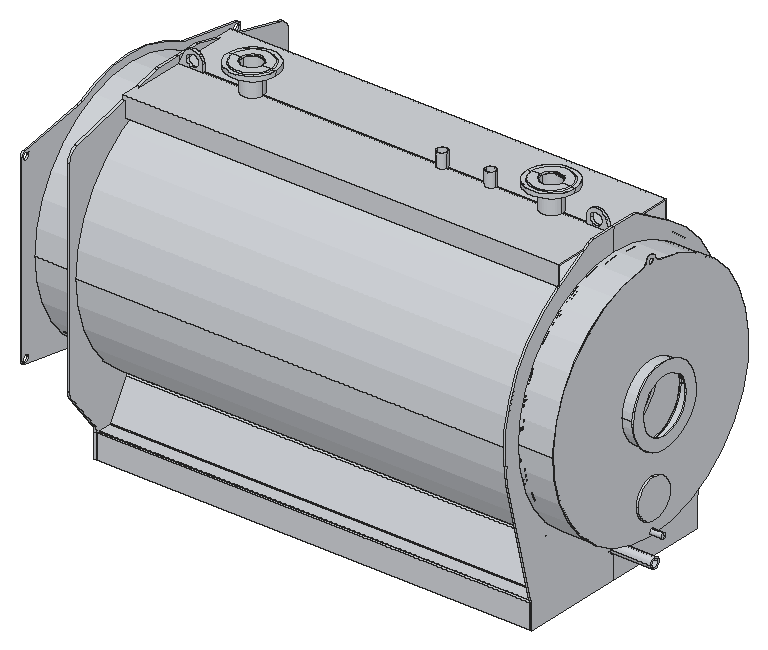
Revit family "BIMON_Котел_Водогрейный_TEMRON_WL650", category Оборудование, Revit 2019
Family settings
  Размер круглого соединителя = Использовать диаметр
  Классификация = Нет
  Тип детали = Нормальный
  На основе рабочей плоскости = Нет
  Всегда вертикально = Да
  При загрузке вырезать с полостями = Нет
  Общий = Нет
  Точка расчета площади = Нет
Parameters
  УГО_Резмер [instance] = 0 mm
  УГО [instance] = yes
  Разработчик_Сайт = "https://www.bimon.ru/"
  Разработчик = "BIMON"  # constant formula
  Изготовитель = "Temron"  # constant formula
  URL = "https://temron.ru/catalog/temron-wl/main-wl/"
  TERMON_Расход уходящих газов = "1044 кг/ч"
  TEMRON_Теплопроизводительность = "0.65 МВт/0.558 (Гкал/ч)"
  TEMRON_Температура уходящих газов = "180-185 /185-190 °С"
  TEMRON_Температура на выходе из котла = "110 °С"
  TEMRON_Температура на входе в котёл = "60 °С"
  TEMRON_Сопротивление газового тракта = "6.5 мбар"
  TEMRON_Расход топлива для природного газа = "71.5 м³/ч"
  TEMRON_Расход воды через котел = "22.3 м³/ч"
  TEMRON_Номинальная производительность = "0.65 МВт"
  TEMRON_Максимальное рабочее давление = "0.6 МПа"
  TEMRON_Максимальная температура пара = 110 mm
  TEMRON_КПД = "92.3 %"
  TEMRON_Водяной объём котла = "0.8 м³"
  D5_Уходящие газы = 250 mm  # constant formula
  D4_Дренажный патрубок газового котла = 15 mm  # constant formula
  D3_Дренажный патрубок = 32 mm  # constant formula
  D2_Аварийная линия = 32 mm  # constant formula
  D1_Выход теплоносителя = 80 mm  # constant formula
  D1_Вход теплоносителя = 80 mm  # constant formula
  ADSK_Этаж [instance] = ""
  ADSK_Расход жидкости [instance] = 0.0 L/s
  ADSK_Расход воздуха [instance] = 0.0 L/s
  ADSK_Примечание [instance] = ""
  ADSK_Позиция [instance] = ""
  ADSK_Обозначение = ADSK_Марка  # "WL 650"
  ADSK_Наименование краткое [instance] = "Котел низкого давления"
  ADSK_Наименование = "Водогрейный котел низкого давления"
  ADSK_Материал = none
  ADSK_Масса_Текст = "1196"
  ADSK_Масса = 1196  # constant formula
  ADSK_Марка = "WL 650"  # constant formula
  ADSK_Количество = 1  # constant formula
  ADSK_Код изделия = ""
  ADSK_Завод-изготовитель = "Temron"  # constant formula
  ADSK_Единица измерения = "шт"  # constant formula
  ADSK_URL страницы изделия = "https://temron.ru/catalog/temron-wl/vodogreynye-kotly-nizkogo-davleniya-temron-wl-650/"
Reference planes
  plane 1 "По центру (Вперед/Назад)": y = 0
  plane 2: z = 0
  plane 3 "По центру (Влево/Вправо)": x = 0
  plane 4: z = 1203.288
  plane 5: z = 1196
  plane 6: z = 1275
  plane 7: z = 1277
  plane 8: z = 1203.288
  plane 9: z = 740
  plane 10: z = 690
  plane 11: z = 675
  plane 12: z = 715
  plane 13: z = 715
  plane 14: z = 740
  plane 15: x = -360
Forms (mm)
  Extrusion 1, solid, detail levels fine
    sketch origin (0, 0, -334.999) x (0, 1, 0) y (0, 0, 1)
      loop
        circle (0, 1050) r 246.5
      loop
        circle (0, 1050) r 481
    from -1250 to 530
  Extrusion 2, solid, detail levels fine
    sketch origin (-1260, 1234.069, 865) x (0, 1, 0) y (0, 0, 1)
      loop
        circle (-1234.069, -150) r 481
      loop
        circle (-1234.069, -150) r 300
    from 0 to -1
  Extrusion 3, solid, detail levels fine
    sketch origin (530, 1168.888, 864.978) x (0, 1, 0) y (0, 0, 1)
      loop
        circle (-1168.888, -150) r 481
      loop
        circle (-1168.888, -150) r 180
    from 0 to 10
  Extrusion 4, solid, detail levels fine
    sketch origin (540, -3521.357, 2134.673) x (0, 1, 0) y (0, 0, 1)
      loop
        arc (4065.98, -1550.024) -> (4036.876, -1200.971) -> (3806.094, -937.487) r 560
        line (3806.094, -937.487) -> (3646.78, -841.641)
        arc (3646.78, -841.641) -> (3634.535, -836.463) -> (3621.357, -834.695) r 50
        line (3621.357, -834.695) -> (3521.357, -834.695) -> (3521.357, -938.695)
        arc (3521.357, -938.695) -> (4002.357, -1419.695) -> (3521.357, -1900.695) r 481
        line (3521.357, -1900.695) -> (3521.357, -1989.673)
        arc (3521.357, -1989.673) -> (3546.357, -2014.673) -> (3521.357, -2039.673) r 25
        line (3521.357, -2039.673) -> (3521.357, -2134.673) -> (3946.357, -2134.673) -> (3946.357, -2034.681)
        arc (3946.357, -2034.681) -> (3946.704, -2028.798) -> (3947.742, -2022.997) r 50
        line (3947.742, -2022.997) -> (4065.98, -1550.024)
    from -2 to -10
  Extrusion 5, solid, detail levels fine
    sketch origin (-1260, 1234.069, 1265) x (0, 1, 0) y (0, 0, 1)
      loop
        line (-819.027, -1257.6) -> (-844.527, -1257.6)
        arc (-844.527, -1257.6) -> (-847.002, -1258.625) -> (-848.027, -1261.1) r 3.5
        line (-848.027, -1261.1) -> (-848.027, -1265) -> (-809.069, -1265) -> (-809.069, -1165) -> (-848.027, -1165) -> (-848.027, -1168.9)
        arc (-848.027, -1168.9) -> (-847.002, -1171.375) -> (-844.527, -1172.4) r 3.5
        line (-844.527, -1172.4) -> (-819.027, -1172.4)
        arc (-819.027, -1172.4) -> (-814.431, -1174.304) -> (-812.527, -1178.9) r 6.5
        line (-812.527, -1178.9) -> (-812.527, -1251.1)
        arc (-812.527, -1251.1) -> (-814.431, -1255.696) -> (-819.027, -1257.6) r 6.5
      loop
        arc (-1649.11, -1257.6) -> (-1653.707, -1255.696) -> (-1655.61, -1251.1) r 6.5
        line (-1655.61, -1251.1) -> (-1655.61, -1178.9)
        arc (-1655.61, -1178.9) -> (-1653.707, -1174.304) -> (-1649.11, -1172.4) r 6.5
        line (-1649.11, -1172.4) -> (-1623.61, -1172.4)
        arc (-1623.61, -1172.4) -> (-1621.136, -1171.375) -> (-1620.11, -1168.9) r 3.5
        line (-1620.11, -1168.9) -> (-1620.11, -1165) -> (-1659.069, -1165) -> (-1659.069, -1265) -> (-1620.11, -1265) -> (-1620.11, -1261.1)
        arc (-1620.11, -1261.1) -> (-1621.136, -1258.625) -> (-1623.61, -1257.6) r 3.5
        line (-1623.61, -1257.6) -> (-1649.11, -1257.6)
    from 10 to 1790
  Sweep 6, solid, detail levels fine
    path origin (-210, 0, -334.992) x (1, 0, 0) y (0, 0, 1)
      loop
        line (600, 579.979) -> (600, 529.979)
        arc (600, 529.979) -> (621.967, 476.946) -> (675, 454.979) r 75
        line (675, 454.979) -> (915, 454.979)
    profile origin (390, 0, 219.987) x (0, -1, 0) y (1, 0, 0)
      loop
        circle (0, 0) r 21
      loop
        circle (0, 0) r 18
  Extrusion 7, solid, detail levels fine
    sketch origin (-1260, 1234.069, 915.02) x (0, 1, 0) y (0, 0, 1)
      loop
        circle (-1236.366, -200) r 532
      loop
        circle (-1236.366, -200) r 531
    from 0 to 1790
  Extrusion 8, solid, detail levels fine
    sketch origin (-1260, 1234.069, 531) x (0, 1, 0) y (0, 0, 1)
      loop
        line (-957.069, 665) -> (-957.069, 746) -> (-1233.069, 746) -> (-1233.069, 730) -> (-1231.069, 730) -> (-1231.069, 744) -> (-959.069, 744) -> (-959.069, 665) -> (-957.069, 665)
      loop
        line (-1237.065, 730) -> (-1235.065, 730) -> (-1235.065, 746) -> (-1511.069, 746) -> (-1511.069, 665) -> (-1509.069, 665) -> (-1509.069, 744) -> (-1237.065, 744) -> (-1237.065, 730)
    from 1790 to 0
  Extrusion 9, solid, detail levels fine
    sketch origin (-1260, 1234.069, 1265) x (0, 1, 0) y (0, 0, 1)
      loop
        line (-820.069, -1162) -> (-875.069, -1162)
        arc (-875.069, -1162) -> (-877.569, -1161.33) -> (-879.399, -1159.5) r 5
        line (-879.399, -1159.5) -> (-959.323, -1021.067)
        arc (-959.323, -1021.067) -> (-964.192, -1017.337) -> (-970.271, -1018.15) r 8
        line (-970.271, -1018.15) -> (-1004.893, -1038.139) -> (-1003.393, -1040.737) -> (-968.752, -1020.737)
        arc (-968.752, -1020.737) -> (-964.957, -1020.237) -> (-961.921, -1022.567) r 5
        line (-961.921, -1022.567) -> (-881.989, -1161)
        arc (-881.989, -1161) -> (-879.061, -1163.928) -> (-875.061, -1165) r 8
        line (-875.061, -1165) -> (-820.069, -1165) -> (-820.069, -1162)
      loop
        line (-1648.069, -1162) -> (-1648.069, -1165) -> (-1593.077, -1165)
        arc (-1593.077, -1165) -> (-1589.077, -1163.928) -> (-1586.149, -1161) r 8
        line (-1586.149, -1161) -> (-1506.216, -1022.567)
        arc (-1506.216, -1022.567) -> (-1503.18, -1020.237) -> (-1499.386, -1020.737) r 5
        line (-1499.386, -1020.737) -> (-1464.745, -1040.737) -> (-1463.245, -1038.139) -> (-1497.867, -1018.15)
        arc (-1497.867, -1018.15) -> (-1503.946, -1017.337) -> (-1508.815, -1021.067) r 8
        line (-1508.815, -1021.067) -> (-1588.739, -1159.5)
        arc (-1588.739, -1159.5) -> (-1590.569, -1161.33) -> (-1593.069, -1162) r 5
        line (-1593.069, -1162) -> (-1648.069, -1162)
    from 10 to 1790
  Revolve 10, solid, detail levels fine
    sketch origin (-240, 0, -285) x (1, 0, 0) y (0, 0, 1)
      loop
        line (-1021, 700) -> (-1021, 692) -> (463.215, 692) -> (536, 692)
        spline (536, 692) -> (557.614, 694.835) -> (578.6, 703.169) -> (598.506, 716.676) -> (617.048, 734.955) -> (634.017, 757.627) -> (649.221, 784.29) -> (662.472, 814.507) -> (673.591, 847.781) -> (682.416, 883.573) -> (688.809, 921.296) -> (692.692, 960.32) -> (694, 1000)
        line (694, 1000) -> (686, 1000)
        spline (686, 1000) -> (684.717, 960.842) -> (680.889, 922.354) -> (674.582, 885.195) -> (665.904, 850) -> (655.003, 817.372) -> (642.066, 787.868) -> (627.314, 761.994) -> (611, 740.192) -> (593.403, 722.836) -> (574.823, 710.222) -> (555.579, 702.567) -> (536, 700)
        line (536, 700) -> (-1021, 700)
      axis (-1021, 1000) -> (694, 1000)
    angle from 0 to 360
  Revolve 11, solid, detail levels fine
    sketch origin (20.524, 0, -335) x (1, 0, 0) y (0, 0, 1)
      loop
        line (544.575, 1238.5) -> (398.657, 1238.5) -> (398.657, 1050) -> (406.657, 1050) -> (406.657, 1229.503) -> (544.575, 1229.503) -> (544.575, 1238.5)
      axis (544.575, 1050) -> (398.657, 1050)
    angle from 0 to 360
  Extrusion 12, solid, detail levels fine
    sketch origin (-1160, 0, 1431.988) x (1, 0, 0) y (0, 0, -1)
      loop
        line (-90, 235.988) -> (-90, 160.988) -> (-66.374, 109.347)
        arc (-66.374, 109.347) -> (-21.484, 86.905) -> (10, 125.988) r 40
        line (10, 125.988) -> (10, 235.988) -> (-90, 235.988)
      loop
        circle (-30, 125.988) r 25
    from -5 to 5
  Extrusion 13, solid, detail levels fine
    sketch origin (-1570, 0, 715) x (0, 1, 0) y (0, 0, 1)
      loop
        circle (0, 0) r 492.5
      loop
        circle (0, 0) r 498.5
    from 123 to 300
  Revolve 14, solid, detail levels fine
    sketch origin (-1570, 0, 690) x (1, 0, 0) y (0, 0, 1)
      loop
        line (302, -467.499) -> (302, -437.499) -> (239.893, -437.499) -> (126, -437.499)
        arc (126, -437.499) -> (123.879, -438.378) -> (123, -440.499) r 3
        line (123, -440.499) -> (123, -467.499) -> (302, -467.499)
      axis (123, 25) -> (302, 25)
    angle from 0 to 360
  Extrusion 15, solid, detail levels fine
    sketch origin (-1447, 0, 690) x (0, 1, 0) y (0, 0, 1)
      loop
        arc (267.615, 476.216) -> (259.256, 478.499) -> (251.417, 482.191) r 50
        arc (251.417, 482.191) -> (0, 550) -> (-251.417, 482.191) r 499.999
        arc (-251.417, 482.191) -> (-259.256, 478.499) -> (-267.615, 476.216) r 50
        line (-267.615, 476.216) -> (-543.578, 429.678)
        arc (-543.578, 429.678) -> (-555.355, 422.815) -> (-560, 410) r 20
        line (-560, 410) -> (-560, -335)
        arc (-560, -335) -> (-555.355, -347.815) -> (-543.578, -354.677) r 20
        line (-543.578, -354.677) -> (-267.615, -401.216)
        arc (-267.615, -401.216) -> (-259.256, -403.499) -> (-251.417, -407.19) r 50
        arc (-251.417, -407.19) -> (0, -474.999) -> (251.417, -407.19) r 499.999
        arc (251.417, -407.19) -> (259.256, -403.499) -> (267.615, -401.216) r 50
        line (267.615, -401.216) -> (543.578, -354.677)
        arc (543.578, -354.677) -> (555.287, -347.896) -> (559.999, -335.211) r 20
        line (559.999, -335.211) -> (559.988, 410.68)
        arc (559.988, 410.68) -> (555.135, 423.074) -> (543.578, 429.678) r 20
        line (543.578, 429.678) -> (267.615, 476.216)
      loop
        circle (540, 410) r 16
      loop
        circle (540, -335) r 16
      loop
        circle (-540, -335) r 16
      loop
        circle (-540, 410) r 16
      loop
        circle (0, 24.992) r 112.5
    from 0 to -8
  Extrusion 16, solid, detail levels fine
    sketch origin (-1165.3, -1524, 1708.003) x (0, 0, 1) y (0, -1, 0)
      loop
        circle (-993.003, -1524) r 144
      loop
        circle (-993.003, -1524) r 160
    from -297.736 to -289.7
  Extrusion 17, solid, detail levels fine
    sketch origin (-1173.336, -1524, 1708.003) x (0, 0, 1) y (0, -1, 0)
      loop
        circle (-993.003, -1524) r 160
    from -299.664 to -289.7
  Extrusion 18, solid, detail levels fine
    sketch origin (775, 0, 715.001) x (0, -1, 0) y (0, 0, 1)
      loop
        circle (0, 0) r 493
      loop
        circle (0, 0) r 496
    from 88 to 245
  Revolve 19, solid, detail levels fine
    sketch origin (1285, 0, 690) x (-1, 0, 0) y (0, 0, 1)
      loop
        line (742, -467.955) -> (742, -455.335)
        arc (742, -455.335) -> (742.293, -454.628) -> (743, -454.335) r 1
        line (743, -454.335) -> (755, -454.335) -> (755, -452.335) -> (743, -452.335)
        arc (743, -452.335) -> (740.879, -453.214) -> (740, -455.335) r 3
        line (740, -455.335) -> (740, -467.955) -> (742, -467.955)
      axis (740, 25) -> (755, 25)
    angle from 0 to 360
  Extrusion 20, solid, detail levels fine
    sketch origin (687, 0, 715) x (0, -1, 0) y (0, 0, 1)
      loop
        arc (44.352, 498.029) -> (32.65, 502.602) -> (24.651, 512.288) r 25
        line (24.651, 512.288) -> (20.392, 521.421)
        arc (20.392, 521.421) -> (0, 534.412) -> (-20.392, 521.421) r 22.5
        line (-20.392, 521.421) -> (-24.651, 512.288)
        arc (-24.651, 512.288) -> (-32.65, 502.602) -> (-44.352, 498.029) r 25
        arc (-44.352, 498.029) -> (0, -500) -> (44.352, 498.029) r 500
      loop
        circle (0, 511.912) r 12.5
      loop
        circle (0, 0) r 150
      loop
        circle (0, -358.977) r 65
    from 0 to -3
  Extrusion 21, solid, detail levels fine
    sketch origin (687, 0, 715) x (0, -1, 0) y (0, 0, 1)
      loop
        circle (0, 0) r 153
      loop
        circle (0, 0) r 150
    from -3 to -53
  Extrusion 22, solid, detail levels fine
    sketch origin (687, 0, 715) x (0, -1, 0) y (0, 0, 1)
      loop
        circle (0, 0) r 160
      loop
        circle (0, 0) r 112.5
    from -59 to -53
  Extrusion 23, solid, detail levels fine
    sketch origin (440, 0, 1431.988) x (-1, 0, 0) y (0, 0, 1)
      loop
        line (-90, -235.988) -> (10, -235.988) -> (10, -125.988)
        arc (10, -125.988) -> (-21.484, -86.905) -> (-66.374, -109.347) r 40
        line (-66.374, -109.347) -> (-90, -160.988) -> (-90, -235.988)
      loop
        circle (-30, -125.988) r 25
    from -5 to 5
  Extrusion 24, solid, detail levels fine
    sketch origin (-4113.688, -1524, 737) x (-1, 0, 0) y (0, -1, 0)
      loop
        circle (-4143.688, -1524) r 20.95
      loop
        circle (-4143.688, -1524) r 19.45
    from 448 to 595
  Extrusion 25, solid, detail levels fine
    sketch origin (-950, 0, 1155) x (1, 0, 0) y (0, 1, 0)
      loop
        circle (0, 0) r 40
      loop
        circle (0, 0) r 44.5
    from 25 to 227
  Extrusion 26, solid, detail levels fine
    sketch origin (-950, 0, 487) x (1, 0, 0) y (0, 1, 0)
      loop
        circle (0, 0) r 98
      loop
        circle (0, 0) r 45
    from 897 to 880
  Revolve 27, solid, detail levels fine
    sketch origin (-950, 0, 1174.63) x (1, 0, 0) y (0, 0, 1)
      loop
        line (-45, 192.37) -> (-45, 212.37) -> (-78.906, 212.37) -> (-81.906, 209.37) -> (-97.5, 209.37) -> (-97.5, 192.37) -> (-45, 192.37)
      axis (0, 212.37) -> (0, 192.37)
    angle from 0 to 360
  Extrusion 28, solid, detail levels fine
    sketch origin (-1260, -1234.069, 890) x (0, -1, 0) y (0, 0, -1)
      loop
        line (-1669.068, 760.001) -> (-1784.069, 614.869)
        arc (-1784.069, 614.869) -> (-1791.503, 600.681) -> (-1794.069, 584.87) r 50
        line (-1794.069, 584.87) -> (-1794.057, -260.001)
        arc (-1794.057, -260.001) -> (-1783.252, -291.044) -> (-1755.509, -308.671) r 50
        line (-1755.509, -308.671) -> (-1345.521, -408.671)
        arc (-1345.521, -408.671) -> (-1339.857, -409.664) -> (-1334.117, -410) r 50
        line (-1334.117, -410) -> (-1234.069, -410) -> (-1234.069, -306)
        arc (-1234.069, -306) -> (-1715.069, 175) -> (-1234.069, 656) r 481
        line (-1234.069, 656) -> (-1234.069, 890) -> (-1659.069, 890) -> (-1659.069, 790)
        arc (-1659.069, 790) -> (-1661.635, 774.189) -> (-1669.068, 760.001) r 50
    from 0 to 10
  Extrusion 29, solid, detail levels fine
    sketch origin (690, 0, 816.499) x (0, 1, 0) y (0, 0, 1)
      loop
        circle (0, -460) r 80
      loop
        circle (0, -387.5) r 4.75
      loop
        circle (62.787, -496.25) r 4.75
      loop
        circle (-62.787, -496.25) r 4.75
    from 0 to 13
  Extrusion 30, solid, detail levels fine
    sketch origin (-1260, 1234.069, 890) x (0, 1, 0) y (0, 0, 1)
      loop
        arc (-1669.068, -760.001) -> (-1661.635, -774.189) -> (-1659.069, -790) r 50
        line (-1659.069, -790) -> (-1659.069, -890) -> (-1234.069, -890) -> (-1234.069, -656)
        arc (-1234.069, -656) -> (-1715.069, -175) -> (-1234.069, 306) r 481
        line (-1234.069, 306) -> (-1234.069, 410) -> (-1334.117, 410)
        arc (-1334.117, 410) -> (-1339.857, 409.664) -> (-1345.521, 408.671) r 50
        line (-1345.521, 408.671) -> (-1755.509, 308.671)
        arc (-1755.509, 308.671) -> (-1783.252, 291.044) -> (-1794.057, 260.001) r 50
        line (-1794.057, 260.001) -> (-1794.069, -584.87)
        arc (-1794.069, -584.87) -> (-1791.503, -600.681) -> (-1784.069, -614.869) r 50
        line (-1784.069, -614.869) -> (-1669.068, -760.001)
    from 0 to 10
  Extrusion 31, solid, detail levels fine
    sketch origin (565.1, 0, 715) x (0, 1, 0) y (0, 0, 1)
      loop
        circle (0, 0) r 180
    from -26 to -10
  Extrusion 32, solid, detail levels fine
    sketch origin (540, 3521.357, 2134.673) x (0, -1, 0) y (0, 0, -1)
      loop
        line (4065.98, 1550.024) -> (3947.742, 2022.997)
        arc (3947.742, 2022.997) -> (3946.704, 2028.798) -> (3946.357, 2034.681) r 50
        line (3946.357, 2034.681) -> (3946.357, 2134.673) -> (3521.357, 2134.673) -> (3521.357, 2039.673)
        arc (3521.357, 2039.673) -> (3546.357, 2014.673) -> (3521.357, 1989.673) r 25
        line (3521.357, 1989.673) -> (3521.357, 1900.695)
        arc (3521.357, 1900.695) -> (4002.357, 1419.695) -> (3521.357, 938.695) r 481
        line (3521.357, 938.695) -> (3521.357, 834.695) -> (3621.357, 834.695)
        arc (3621.357, 834.695) -> (3634.535, 836.463) -> (3646.78, 841.641) r 50
        line (3646.78, 841.641) -> (3806.094, 937.487)
        arc (3806.094, 937.487) -> (4036.876, 1200.971) -> (4065.98, 1550.024) r 560
    from -2 to -10
  Extrusion 33, solid, detail levels fine
    sketch origin (280, 0, 1155) x (1, 0, 0) y (0, 1, 0)
      loop
        circle (0, 0) r 40
      loop
        circle (0, 0) r 44.5
    from 25 to 227
  Extrusion 34, solid, detail levels fine
    sketch origin (280, 0, 487) x (1, 0, 0) y (0, 1, 0)
      loop
        circle (0, 0) r 98
      loop
        circle (0, 0) r 45
    from 897 to 880
  Revolve 35, solid, detail levels fine
    sketch origin (280, 0, 1174.63) x (1, 0, 0) y (0, 0, 1)
      loop
        line (-45, 192.37) -> (-45, 212.37) -> (-78.906, 212.37) -> (-81.906, 209.37) -> (-97.5, 209.37) -> (-97.5, 192.37) -> (-45, 192.37)
      axis (0, 212.37) -> (0, 192.37)
    angle from 0 to 360
  Extrusion 36, solid, detail levels fine
    sketch origin (-4313.688, -1524, 737) x (-1, 0, 0) y (0, -1, 0)
      loop
        circle (-4143.688, -1524) r 20.95
      loop
        circle (-4143.688, -1524) r 19.45
    from 448 to 595
  Sweep 37, solid, detail levels fine
    path origin (4.937, 0, 192.37) x (0.96527, 0, 0.261254) y (-0.261254, 0, 0.96527)
      loop
        line (-1191.542, 1169.05) -> (-1234.684, 1193.958)
    profile origin (-1474.717, 0, 1015.909) x (-0.256382, 0, -0.966575) y (0, -1, 0)
      loop
        circle (0, 0.103) r 17
  Sweep 38, solid, detail levels fine
    path origin (23.384, 0, 187.477) x (0.96527, 0, 0.261254) y (-0.261254, 0, 0.96527)
      loop
        line (-1251.212, 1203.5) -> (-1265.068, 1211.5)
    profile origin (-1506.525, 0, 1024.346) x (-0.256382, 0, -0.966575) y (0, -1, 0)
      loop
        circle (0, 0) r 20
  Revolve 39, solid, detail levels fine
    sketch origin (-1301.916, 0, 715) x (1, 0, 0) y (0, 0, 1)
      loop
        line (-145.084, 112.52) -> (31.916, 112.52) -> (31.916, 492.5) -> (-145.084, 492.5) -> (-145.084, 112.52)
      axis (31.916, 0) -> (-145.084, 0)
    angle from 0 to 360
  Revolve 40, solid
    sketch origin (-86, 0, 62.681) x (1, 0, 0) y (0, 0, 1)
      loop
        line (776, 169.32) -> (826, 169.32) -> (826, 179.32) -> (776, 179.32) -> (776, 169.32)
      axis (776, 169.32) -> (826, 169.32)
    angle from 0 to 360
Lines and regions (mm)
  model lines, detail levels coarse+medium
    curve 1: line (-1560, 0, 1915) -> (840, 0, 1915)
    curve 2: line (-1560, 0, -485) -> (-1560, 0, 1915)
    curve 3: line (840, 0, -485) -> (-1560, 0, -485)
    curve 4: line (840, 0, 1915) -> (840, 0, -485)
Dimensions and locks
  plane 10 to level = 690 mm
  plane 11 to level = 675 mm
  plane 12 to level = 715 mm
  plane 13 to plane 2 = 715 mm
  Revolve 39 sketch curve to Revolve 39 sketch curve = 112.52 mm
  Revolve 39 sketch curve to Revolve 39 sketch curve = 492.5 mm
  curve 2 to plane 15 = 1200 mm
  plane 15 to curve 4 = 1200 mm
  curve 1 to plane 13 = 1200 mm
  plane 13 to curve 3 = 1200 mm
  nested 3 to nested 3 = 2400 mm
  diameter of Extrusion 1 sketch curve = 493 mm
  diameter of Extrusion 1 sketch curve = 962 mm
  aligned and locked: level to plane 2
  aligned and locked: Extrusion 5 to Extrusion 1
  aligned and locked: Extrusion 1 to Extrusion 5
Nested families
  nested 1: "Надпись_Temron_крышка_WL650" at (-1455, -306.042, 1008) x (0, -1, 0) z (1, 0, 0), type "Надпись_Temron_крышка_WL650", detail levels fine
  nested 2: "Надпись_Temron_бак_WL650" at (-360, -1.298, 714.992) x (-1, 0, 0) z (0, 0, 1), type "Надпись_Temron_бак_WL650", detail levels fine
  nested 3: "УГО_Котел_Разрез" at (-360, 0, 0), visible <- "УГО", type "УГО_Котел_Разрез", detail levels coarse+medium
    with H 2400 mm
Connectors
  piping at (740, 0, 232.001), diameter 15, driven by "D4_Дренажный патрубок газового котла"
    settings: on Revolve 40, index 10, connector inside diameter 609.6 mm, connector length 0 mm, flow factor 0, pipe flow 0.0 L/s, pressure drop 0.0 Pa, fitting loss kfactor 0, connector angle 0.00°, fixture units 0, engagement length 0 mm, angle of deflection 0.00°, flow configuration 1, flow direction 1, fitting loss method 0, system type 29, joint type 0, gender type 0, connector reference index -1, connector utility 0, adjustable connector no, is connector primary yes, connector description ""
  piping at (705, 0, 119.987), diameter 32, driven by "D3_Дренажный патрубок"
    settings: on Sweep 6, index 11, connector inside diameter 609.6 mm, connector length 0 mm, flow factor 0, pipe flow 0.0 L/s, pressure drop 0.0 Pa, fitting loss kfactor 0, connector angle 0.00°, fixture units 0, engagement length 0 mm, angle of deflection 0.00°, flow configuration 1, flow direction 1, fitting loss method 0, system type 29, joint type 0, gender type 0, connector reference index -1, connector utility 0, adjustable connector no, is connector primary no, connector description ""
  piping at (-950, 0, 1382), diameter 80, driven by "D1_Выход теплоносителя"
    settings: on Extrusion 25, index 12, connector inside diameter 609.6 mm, connector length 0 mm, flow factor 0, pipe flow 0.0 L/s, pressure drop 0.0 Pa, fitting loss kfactor 0, connector angle 0.00°, fixture units 0, engagement length 0 mm, angle of deflection 0.00°, flow configuration 0, flow direction 0, fitting loss method 0, system type 29, joint type 0, gender type 0, connector reference index -1, connector utility 0, adjustable connector no, is connector primary no, connector description ""
  piping at (-170, 0, 1332), diameter 32, driven by "D2_Аварийная линия"
    settings: on Extrusion 36, index 13, connector inside diameter 609.6 mm, connector length 0 mm, flow factor 0, pipe flow 0.0 L/s, pressure drop 0.0 Pa, fitting loss kfactor 0, connector angle 0.00°, fixture units 0, engagement length 0 mm, angle of deflection 0.00°, flow configuration 0, flow direction 0, fitting loss method 0, system type 29, joint type 0, gender type 0, connector reference index -1, connector utility 0, adjustable connector no, is connector primary no, connector description ""
  piping at (30, 0, 1332), diameter 32, driven by "D2_Аварийная линия"
    settings: on Extrusion 24, index 14, connector inside diameter 609.6 mm, connector length 0 mm, flow factor 0, pipe flow 0.0 L/s, pressure drop 0.0 Pa, fitting loss kfactor 0, connector angle 0.00°, fixture units 0, engagement length 0 mm, angle of deflection 0.00°, flow configuration 0, flow direction 0, fitting loss method 0, system type 29, joint type 0, gender type 0, connector reference index -1, connector utility 0, adjustable connector no, is connector primary no, connector description ""
  piping at (280, 0, 1382), diameter 80, driven by "D1_Вход теплоносителя"
    settings: on Extrusion 33, index 15, connector inside diameter 609.6 mm, connector length 0 mm, flow factor 0, pipe flow 0.0 L/s, pressure drop 0.0 Pa, fitting loss kfactor 0, connector angle 0.00°, fixture units 0, engagement length 0 mm, angle of deflection 0.00°, flow configuration 0, flow direction 0, fitting loss method 0, system type 29, joint type 0, gender type 0, connector reference index -1, connector utility 0, adjustable connector no, is connector primary no, connector description ""
  hvac at (746, 0, 715), driven by "D5_Уходящие газы"
    settings: on Extrusion 22, index 16, duct flow 0.0 L/s, flow factor 0, pres drop 0.0 Pa, loss coef 0, conn angle 0.00°, conn width 304.8 mm, conn height 304.8 mm, conn diameter 250 mm, duct sys type 29, conn prof type 0, flow config 1, flow direction 2, loss method 0, conn ref index -1, conn util no, is conn primary yes, conn desc ""
Definition of nested family "Надпись_Temron_крышка_WL650"
  Parameters (values of type "Надпись_Temron_крышка_WL400")
    Default Elevation = 1219.2 mm
    Красный = none
    Белый = none
  Reference planes
    plane 1 "По центру (Вперед/Назад)": y = 0
    plane 2: z = 0
    plane 3 "По центру (Влево/Вправо)": x = 0
    plane 4: z = -0.5
    plane 5: z = -1
  Forms (mm)
    Extrusion 1, solid
      sketch origin (0, 0, 0) x (1, 0, 0) y (0, 1, 0)
        loop
          line (-1219.2, 1219.2) -> (-1219.2, -1219.2) -> (1300.204, -1219.2) -> (1300.204, 1219.2) -> (-1219.2, 1219.2)
      from 0 to -304.8
    Extrusion 2, solid, material <- "Белый"
      sketch origin (0, 0, 0) x (1, 0, 0) y (0, 1, 0)
        loop
          line (-125, 30.183) -> (-125, -30.183) -> (125, -30.183) -> (125, 30.183) -> (-125, 30.183)
      from -0.5 to 0
    Extrusion 3, solid, material <- "Красный"
      sketch origin (0, 0, 0) x (1, 0, 0) y (0, 1, 0)
        loop
          line (-125, -17.955) -> (-89.427, -17.955) -> (-89.427, -10.409) -> (-100.207, -10.409) -> (-100.207, 18.696) -> (-104.519, 18.696) -> (-109.908, 18.696) -> (-109.908, -10.409) -> (-125, -10.409) -> (-125, -17.955)
        loop
          line (-83.872, -17.955) -> (-57.892, -17.955) -> (-57.892, -10.409) -> (-75.14, -10.409) -> (-75.14, -2.863) -> (-60.048, -2.863) -> (-60.048, 3.604) -> (-75.14, 3.604) -> (-75.14, 11.15) -> (-57.892, 11.15) -> (-57.892, 18.696) -> (-83.872, 18.696) -> (-83.872, -17.955)
        loop
          line (-51.469, -17.955) -> (-41.543, -17.955) -> (-31.577, -3.722) -> (-21.272, -17.955) -> (-11.584, -17.955) -> (-11.584, 18.696) -> (-11.584, 30.183) -> (-21.286, 30.183) -> (-21.286, -2.863) -> (-28.958, 7.733) -> (-34.348, 7.733) -> (-41.767, -2.863) -> (-41.767, 18.696) -> (-51.469, 18.696) -> (-51.469, -17.955)
        loop
          line (-4.056, -17.955) -> (17.108, -17.955)
          spline (17.108, -17.955) -> (19.467, -17.341) -> (21.654, -16.055) -> (23.538, -14.176) -> (25.004, -11.817) -> (25.964, -9.122) -> (26.359, -6.252) -> (26.166, -3.383) -> (25.395, -0.687) -> (24.095, 1.672) -> (22.343, 3.551) -> (20.246, 4.836) -> (17.93, 5.451)
          line (17.93, 5.451) -> (27.205, 18.696) -> (17.634, 18.696) -> (10.45, 8.437)
          arc (10.45, 8.437) -> (6.829, 7.208) -> (4.567, 10.292) r 3.234
          line (4.567, 10.292) -> (4.567, 18.696) -> (-4.056, 18.696) -> (-4.056, -17.955)
        loop
          line (74.832, -17.955) -> (83.455, -17.955) -> (100.674, 6.636) -> (100.674, -17.955) -> (110.376, -17.955) -> (110.376, 18.696) -> (98.178, 18.696) -> (84.533, -0.791) -> (84.533, 18.696) -> (74.832, 18.696) -> (74.832, -17.955)
        loop
          line (4.567, 0) -> (4.567, -9.702) -> (12.232, -9.702)
          arc (12.232, -9.702) -> (17.083, -4.851) -> (12.232, 0) r 4.851
          line (12.232, 0) -> (4.567, 0)
        loop
          spline (49.762, -11.15) -> (52.273, -10.77) -> (54.613, -9.656) -> (56.622, -7.884) -> (58.164, -5.575) -> (59.133, -2.886) -> (59.464, 0) -> (59.133, 2.886) -> (58.164, 5.575) -> (56.622, 7.884) -> (54.613, 9.656) -> (52.273, 10.77) -> (49.762, 11.15)
          spline (49.762, 11.15) -> (47.251, 10.77) -> (44.911, 9.656) -> (42.902, 7.884) -> (41.36, 5.575) -> (40.391, 2.886) -> (40.06, 0) -> (40.391, -2.886) -> (41.36, -5.575) -> (42.902, -7.884) -> (44.911, -9.656) -> (47.251, -10.77) -> (49.762, -11.15)
        loop
          spline (49.762, -18.696) -> (54.505, -18.059) -> (58.925, -16.191) -> (62.72, -13.22) -> (65.632, -9.348) -> (67.463, -4.839) -> (68.087, 0) -> (67.463, 4.839) -> (65.632, 9.348) -> (62.72, 13.22) -> (58.925, 16.191) -> (54.505, 18.059) -> (49.762, 18.696)
          spline (49.762, 18.696) -> (45.019, 18.059) -> (40.599, 16.191) -> (36.804, 13.22) -> (33.892, 9.348) -> (32.061, 4.839) -> (31.437, 0) -> (32.061, -4.839) -> (33.892, -9.348) -> (36.804, -13.22) -> (40.599, -16.191) -> (45.019, -18.059) -> (49.762, -18.696)
      from -0.5 to -1
  Dimensions and locks
    level to plane 4 = 0.5 mm
    level to plane 5 = 1 mm
    aligned and locked: plane 2 to Extrusion 1
    aligned and locked: level to Extrusion 1
    aligned and locked: level to Extrusion 2
    aligned and locked: Extrusion 2 to plane 4
    aligned and locked: Extrusion 2 to Extrusion 3
    aligned and locked: Extrusion 3 to plane 5
Definition of nested family "Надпись_Temron_бак_WL650"
  Parameters (values of type "Надпись_Temron_бак_WL400")
    Default Elevation = 1219.2 mm
    Красный = none
  Reference planes
    plane 1 "По центру (Вперед/Назад)": y = 0
    plane 2: z = 0
    plane 3 "По центру (Влево/Вправо)": x = 0
    plane 4: x = -600
    plane 5: x = 600
    plane 6: z = 150
    plane 7: z = -150
    plane 8: y = -300
  Forms (mm)
    Extrusion 1, solid, material <- "Красный"
      sketch origin (4267.2, -300, 603.455) x (0, 0, 1) y (1, 0, 0)
        loop
          line (-453.455, -4867.2) -> (-453.455, -3667.2) -> (-753.455, -3667.2) -> (-753.455, -4306.538) -> (-701.522, -4306.538) -> (-520.342, -4306.538) -> (-520.342, -4354.429) -> (-590.703, -4405.372) -> (-520.342, -4454.639) -> (-520.342, -4503.704) -> (-701.522, -4503.704) -> (-701.522, -4455.745) -> (-594.946, -4455.745) -> (-647.327, -4419.067) -> (-647.327, -4392.423) -> (-594.946, -4354.497) -> (-753.455, -4354.497) -> (-753.455, -4867.2) -> (-557.644, -4867.2) -> (-557.644, -4792.596) -> (-701.522, -4792.596) -> (-701.522, -4744.637) -> (-557.644, -4744.637) -> (-557.644, -4691.348) -> (-520.342, -4691.348) -> (-520.342, -4867.2) -> (-453.455, -4867.2)
        loop
          line (-520.342, -4663.889) -> (-520.342, -4535.459) -> (-557.644, -4535.459) -> (-557.644, -4620.72) -> (-594.946, -4620.72) -> (-594.946, -4546.117) -> (-626.919, -4546.117) -> (-626.919, -4620.72) -> (-664.22, -4620.72) -> (-664.22, -4535.459) -> (-701.522, -4535.459) -> (-701.522, -4663.889) -> (-520.342, -4663.889)
        loop
          line (-701.522, -4269.325) -> (-520.342, -4269.325) -> (-520.342, -4164.702)
          spline (-520.342, -4164.702) -> (-523.378, -4153.041) -> (-529.733, -4142.227) -> (-539.022, -4132.914) -> (-550.682, -4125.666) -> (-564.009, -4120.922) -> (-578.194, -4118.969) -> (-592.379, -4119.925) -> (-605.705, -4123.733) -> (-617.366, -4130.161) -> (-626.655, -4138.821) -> (-633.009, -4149.189) -> (-636.045, -4160.636)
          line (-636.045, -4160.636) -> (-701.522, -4114.789) -> (-701.522, -4162.102) -> (-650.809, -4197.612)
          arc (-650.809, -4197.612) -> (-644.731, -4215.515) -> (-659.978, -4226.694) r 15.987
          line (-659.978, -4226.694) -> (-701.522, -4226.694) -> (-701.522, -4269.325)
        loop
          arc (-561.141, -4188.804) -> (-585.121, -4164.824) -> (-609.101, -4188.804) r 23.98
          line (-609.101, -4188.804) -> (-609.101, -4226.694) -> (-561.141, -4226.694) -> (-561.141, -4188.804)
        loop
          spline (-553.982, -4003.278) -> (-555.86, -3990.865) -> (-561.366, -3979.298) -> (-570.126, -3969.366) -> (-581.541, -3961.744) -> (-594.835, -3956.953) -> (-609.101, -3955.319) -> (-623.367, -3956.953) -> (-636.661, -3961.744) -> (-648.076, -3969.366) -> (-656.836, -3979.298) -> (-662.342, -3990.865) -> (-664.22, -4003.278)
          spline (-664.22, -4003.278) -> (-662.342, -4015.691) -> (-656.836, -4027.258) -> (-648.076, -4037.191) -> (-636.661, -4044.812) -> (-623.367, -4049.604) -> (-609.101, -4051.238) -> (-594.835, -4049.604) -> (-581.541, -4044.812) -> (-570.126, -4037.191) -> (-561.366, -4027.258) -> (-555.86, -4015.691) -> (-553.982, -4003.278)
        loop
          spline (-516.68, -4003.278) -> (-519.829, -3979.832) -> (-529.062, -3957.983) -> (-543.749, -3939.221) -> (-562.89, -3924.825) -> (-585.181, -3915.775) -> (-609.101, -3912.688) -> (-633.021, -3915.775) -> (-655.312, -3924.825) -> (-674.453, -3939.221) -> (-689.14, -3957.983) -> (-698.373, -3979.832) -> (-701.522, -4003.278)
          spline (-701.522, -4003.278) -> (-698.373, -4026.725) -> (-689.14, -4048.573) -> (-674.453, -4067.335) -> (-655.312, -4081.732) -> (-633.021, -4090.782) -> (-609.101, -4093.868) -> (-585.181, -4090.782) -> (-562.89, -4081.732) -> (-543.749, -4067.335) -> (-529.062, -4048.573) -> (-519.829, -4026.725) -> (-516.68, -4003.278)
        loop
          line (-701.522, -3879.348) -> (-520.342, -3879.348) -> (-520.342, -3836.718) -> (-641.904, -3751.599) -> (-520.342, -3751.599) -> (-520.342, -3703.64) -> (-701.522, -3703.64) -> (-701.522, -3763.936) -> (-605.189, -3831.389) -> (-701.522, -3831.389) -> (-701.522, -3879.348)
      from 0 to -462.513
    Extrusion 2, void
      sketch origin (0, 366.649, -506.998) x (0, 1, 0) y (0, 0, 1)
        loop
          circle (-366.649, 506.998) r 531
      from -1351.217 to 1540.529
    Extrusion 3, void
      sketch origin (0, 0, 0) x (0, 1, 0) y (0, 0, 1)
        loop
          circle (0, 0) r 532
        loop
          circle (0, 0) r 860
      from -1499.991 to 995.39
  Cuts and joins
    Extrusion 2, Extrusion 3 cuts Extrusion 1
  Dimensions and locks
    plane 5 to plane 3 "По центру (Влево/Вправо)" to plane 4 = 600 mm, 600 mm
    plane 6 to level = 150 mm
    level to plane 7 = 150 mm
    plane 8 to plane 1 "По центру (Вперед/Назад)" = 300 mm
    aligned and locked: level to plane 2
    aligned and locked: plane 7 to Extrusion 1 sketch curve  (x2)
    aligned and locked: Extrusion 1 sketch curve to plane 6
    aligned and locked: Extrusion 1 sketch curve to plane 5
    aligned and locked: plane 4 to Extrusion 1 sketch curve  (x2)
Definition of nested family "УГО_Котел_Разрез"
  Parameters (values of type "УГО_Котел_Разрез")
    H [instance] = 250 mm
  Reference planes
    plane 1 "По центру (Вперед/Назад)": y = 0
    plane 2: z = 0
    plane 3 "По центру (Влево/Вправо)": x = 0
  Lines and regions (mm)
    detail lines, in view "Опорный уровень"
      curve 1: line (-125, 125, 0) -> (125, 125, 0)
      curve 2: line (-125, -125, 0) -> (-125, 125, 0)
      curve 3: line (125, -125, 0) -> (-125, -125, 0)
      curve 4: line (125, 125, 0) -> (125, -125, 0)
  Dimensions and locks
    equal spacing: curve 2, plane 3 "По центру (Влево/Вправо)", curve 4
    equal spacing: curve 3, plane 1 "По центру (Вперед/Назад)", curve 1
    "H": curve 1 to curve 3
    "H": curve 2 to curve 4
